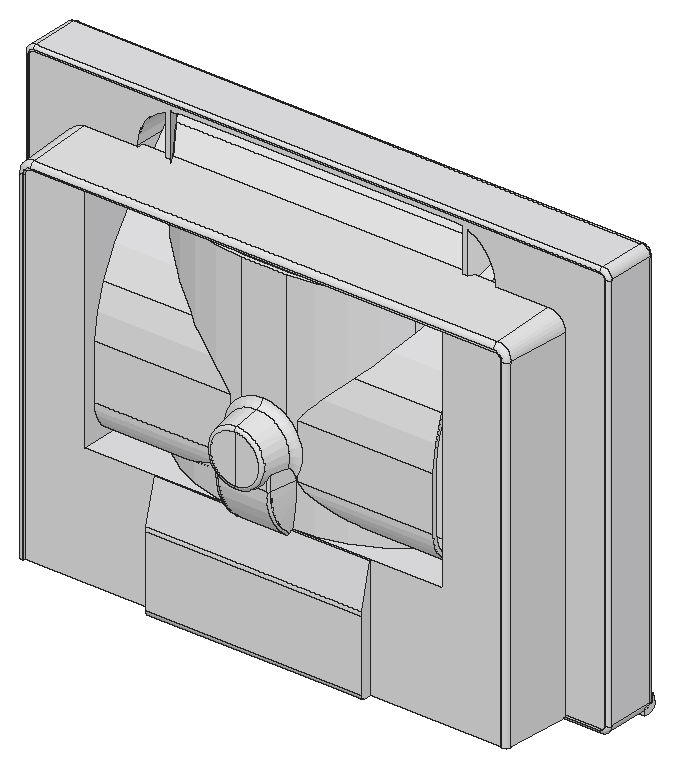
Revit family "Sink-Wall_Mount-Lavatory-KOHLER-REACH-K-18572T_1", category Plumbing Fixtures, host Face, Revit 2017
Family settings
  Host = Face
  Round Connector Dimension = Use Diameter
  Part Type = Normal
  OmniClass Number = 23.31.13.00
  OmniClass Title = Sinks
  Cut with Voids When Loaded = No
  Shared = No
  Room Calculation Point = No
Parameters (values of type "0-White")
  Width = 27 9/16"  # constant formula
  WaterSense Certified = 1 = 0  # no
  Waste Water Outlet = "Waste Water Outlet"  # constant formula
  Waste Connection = 1 = 1  # yes
  Vent Connection = 1 = 0  # no
  URL = "http://www.kohler.com.cn/en/"
  Type = 1
  Product Page URL = "https://www.kohler.com.cn/product/K-18572T-1-0/K-18572T-1-0/"
  Product Name = "REACH"  # constant formula
  Product Documentation Link = "https://files.kohler.com.cn/pdfs/k_18572t_1.pdf"
  Model = "K-18572T-1-0"  # constant formula
  Material = "Fireclay"  # constant formula
  Master Format 2014 Name = "Residential Lavatories and Sinks"  # constant formula
  Master Format 2014 = "22 41 16"  # constant formula
  Manufacturer Address = "158 Jiangchang 3rd Road Zhabei District Shanghai, 200436 China"  # constant formula
  Manufacturer = "KOHLER Co."  # constant formula
  Length = 19 11/16"  # constant formula
  Hot Water Inlet = "Hot Water Inlet"  # constant formula
  Height = 7 1/2"  # constant formula
  HW Connection = 1 = 0  # no
  Finish = KOHLER-Fireclay-0-White
  Environmental Product Declaration = ""
  Drain Included = 1 = 0  # no
  Description = "700mm integrated washbasin"  # constant formula
  Default Elevation = 36"
  Declare Label = ""
  Date Modified = "06/18/2020"  # constant formula
  Date Created = "06/18/2020"  # constant formula
  Copyright = "Copyright KOHLER Co."  # constant formula
  Contact Us = "http://www.kohler.com.cn/en/contact/contact-us/"
  Cold Water Inlet = "Cold Water Inlet"  # constant formula
  CW Connection = 1 = 0  # no
  Assembly Code = "D2010400"
  ADA Compliant = 1 = 0  # no
Reference planes (in)
  plane 1 "Center (Front/Back)": y = 0
  plane 2: z = 0
  plane 3 "Center (Left/Right)": x = 0
  plane 4: y = -7.5
  plane 5: x = 13.7795276
  plane 6: y = -5.875
  plane 7: x = -13.7829724
  plane 8: z = 19.6875
  plane 9: x = -8.1692913
  plane 10: z = 19.0920276
  plane 11: x = 8.1692913
  plane 12: z = 5.3125
  plane 13: z = 9.0625
  plane 14: y = -2.6571494
  plane 15: y = -0.1011276
Dimensions and locks (in)
  level to plane 8 = 19 11/16"
  "Length": plane 8 to level
  "Height": plane 1 "Center (Front/Back)" to plane 4
  "Width": plane 7 to plane 5
  aligned and locked: plane 2 to host face
  aligned and locked: level to host face
Automatic sketch dimensions
  host sketch curve to host sketch curve = 96"  (x2)
Nested families (in)
  nested 1: "K-18572T" at (0, 0, 0), type "K-18572T"
Connectors (in)
  piping at (0, -7.5, 9.0625), diameter 1.7734375, driven by "Waste Connection", driven by "Waste Water Outlet"
    settings: on nested 1, index 1, connector inside diameter 24", connector length 0", flow factor 0, pipe flow 0 GPM, pressure drop 0.00 psi, fitting loss kfactor 0, connector angle 0.00°, fixture units 0, engagement length 0", angle of deflection 0.00°, flow configuration 0, flow direction 2, fitting loss method 0, system type 16, joint type 0, gender type 0, connector reference index -1, connector utility 1, adjustable connector no, is connector primary yes, connector description "Waste Water Outlet"
Definition of nested family "K-18572T"
  Parameters (values of type "K-18572T")
    Material = none
  Reference planes (in)
    plane 1 "Center (Front/Back)": y = 0
    plane 2: z = 0
    plane 3 "Center (Left/Right)": x = 0
    plane 4: y = -5.875
    plane 5: y = -7.5
    plane 6: z = 19.6875
    plane 7: x = 13.7795276
    plane 8: z = 9.0625
    plane 9: x = 8.1692913
    plane 10: x = -8.1692913
    plane 11: z = 5.3125
    plane 12: z = 19.0920276
    plane 13: x = -13.7795276
    plane 14: x = -11.9045276
    plane 15: x = 11.9045276
  Forms (in)
    Sweep 1, solid, material <- "Material", detail levels medium+fine
      path origin (0, 0, 0) x (1, 0, 0) y (0, 0, 1)
        loop
          arc (-13.3498401, 19.6875) -> (-13.653675, 19.5616474) -> (-13.7795276, 19.2578125) r 0.4296875
          line (-13.7795276, 19.2578125) -> (-13.7795276, 0.4296875)
          arc (-13.7795276, 0.4296875) -> (-13.653675, 0.1258526) -> (-13.3498401, 0) r 0.4296875
          line (-13.3498401, 0) -> (13.3498401, 0)
          arc (13.3498401, 0) -> (13.653675, 0.1258526) -> (13.7795276, 0.4296875) r 0.4296875
          line (13.7795276, 0.4296875) -> (13.7795276, 19.2578169)
          arc (13.7795276, 19.2578169) -> (13.6536763, 19.5616487) -> (13.3498445, 19.6875) r 0.4296831
          line (13.3498445, 19.6875) -> (-13.3498401, 19.6875)
      profile origin (0.0000022, 0, 19.6875) x (0, 0, 1) y (0, -1, 0)
        loop
          line (-0.2197336, 0.1011276) -> (-0.1727731, 0.1011276)
          arc (-0.1727731, 0.1011276) -> (-0.0602156, 0.1477504) -> (-0.0135928, 0.2603079) r 0.1591803
          line (-0.0135928, 0.2603079) -> (-0.0135928, 2.5000265)
          arc (-0.0135928, 2.5000265) -> (-0.0605015, 2.6132741) -> (-0.1737491, 2.6601827) r 0.1601563
          line (-0.1737491, 2.6601827) -> (-0.2197336, 2.6601827) -> (-0.2197336, 0.1011276)
    Sweep 2, solid, material <- "Material", detail levels medium+fine
      path origin (0, 0, 0) x (1, 0, 0) y (0, 0, 1)
        loop
          line (-11.9045276, 0.1351528) -> (-11.9045276, 16.3851528)
          arc (-11.9045276, 16.3851528) -> (-11.6116343, 17.0922596) -> (-10.9045276, 17.3851528) r 1
          line (-10.9045276, 17.3851528) -> (10.9045276, 17.3851529)
          arc (10.9045276, 17.3851529) -> (11.6116343, 17.0922597) -> (11.9045276, 16.3851529) r 1
          line (11.9045276, 16.3851529) -> (11.9045276, 0.1351528)
      profile origin (0, 0, 17.3851529) x (0, 0, 1) y (0, -1, 0)
        loop
          line (-0.6131597, 5.875) -> (-0.6622408, 5.875) -> (-0.4823049, 2.4414327) -> (-0.1959729, 2.4414327) -> (-0.3635023, 5.638084)
          arc (-0.3635023, 5.638084) -> (-0.441071, 5.8063436) -> (-0.6131597, 5.875) r 0.25
    Sweep 3, solid, material <- "Material", detail levels medium+fine
      path origin (0, 0, 0) x (1, 0, 0) y (0, 0, 1)
        loop
          arc (8.4260526, 17.235793) -> (7.8402662, 18.6500065) -> (6.4260526, 19.235793) r 2
          line (6.4260526, 19.235793) -> (-6.4260526, 19.235793)
          arc (-6.4260526, 19.235793) -> (-7.8402662, 18.6500065) -> (-8.4260526, 17.235793) r 2
          line (-8.4260526, 17.235793) -> (-8.4260526, 6.9903848)
          arc (-8.4260526, 6.9903848) -> (-7.8402662, 5.5761712) -> (-6.4260526, 4.9903848) r 2
          line (-6.4260526, 4.9903848) -> (6.4260526, 4.9903848)
          arc (6.4260526, 4.9903848) -> (7.8402662, 5.5761712) -> (8.4260526, 6.9903848) r 2
          line (8.4260526, 6.9903848) -> (8.4260526, 17.235793)
      profile origin (0, 0, 19.235793) x (0, 0, -1) y (0, -1, 0)
        loop
          arc (0.2092648, 0.1720187) -> (0.3345775, 0.2959576) -> (0.4604064, 0.4193723) r 42.2257718
          line (0.4604064, 0.4193723) -> (0.1759905, 0.4193723)
          arc (0.1759905, 0.4193723) -> (0.1539638, 0.3976349) -> (0.1319529, 0.3758815) r 42.4249905
          arc (0.1319529, 0.3758815) -> (0.0707812, 0.3286185) -> (0, 0.2975413) r 0.3174643
          line (0, 0.2975413) -> (0, 0.1011276) -> (0.0372862, 0.1011276)
          arc (0.0372862, 0.1011276) -> (0.1302945, 0.1195454) -> (0.2092648, 0.1720187) r 0.2440517
    Extrusion 4, solid, material <- "Material", detail levels medium+fine
      sketch origin (0, 0, 0) x (1, 0, 0) y (0, 0, 1)
        loop
          line (13.3498445, 19.4677664) -> (-13.3498401, 19.4677664)
          arc (-13.3498401, 19.4677664) -> (-13.4982999, 19.4062723) -> (-13.5597939, 19.2578125) r 0.2099539
          line (-13.5597939, 19.2578125) -> (-13.5597939, 0.4296875)
          arc (-13.5597939, 0.4296875) -> (-13.4982999, 0.2812277) -> (-13.3498401, 0.2197336) r 0.2099539
          line (-13.3498401, 0.2197336) -> (13.3498401, 0.2197336)
          arc (13.3498401, 0.2197336) -> (13.4982999, 0.2812277) -> (13.5597939, 0.4296875) r 0.2099539
          line (13.5597939, 0.4296875) -> (13.5597939, 19.2578169)
          arc (13.5597939, 19.2578169) -> (13.4983011, 19.4062736) -> (13.3498445, 19.4677664) r 0.2099494
        loop
          arc (-6.4260526, 19.235793) -> (-7.8402662, 18.6500065) -> (-8.4260526, 17.235793) r 2
          line (-8.4260526, 17.235793) -> (-8.4260526, 6.9903848)
          arc (-8.4260526, 6.9903848) -> (-7.8402662, 5.5761712) -> (-6.4260526, 4.9903848) r 2
          line (-6.4260526, 4.9903848) -> (6.4260526, 4.9903848)
          arc (6.4260526, 4.9903848) -> (7.8402662, 5.5761712) -> (8.4260526, 6.9903848) r 2
          line (8.4260526, 6.9903848) -> (8.4260526, 17.235793)
          arc (8.4260526, 17.235793) -> (7.8402662, 18.6500065) -> (6.4260526, 19.235793) r 2
          line (6.4260526, 19.235793) -> (-6.4260526, 19.235793)
      from 0.1011276 to 2.6601827
    Extrusion 5, solid, material <- "Material", detail levels medium+fine
      sketch origin (0, 0, 0) x (0, 1, 0) y (0, 0, 1)
        loop
          arc (-4.5199449, 6.4934406) -> (-5.294602, 7.0110499) -> (-5.5940782, 7.8932784) r 1.4492188
          line (-5.5940782, 7.8932784) -> (-5.5940782, 10.683954)
          arc (-5.5940782, 10.683954) -> (-5.5351793, 11.3737039) -> (-5.3601881, 12.0434815) r 4.0681917
          arc (-5.3601881, 12.0434815) -> (-4.6279895, 13.677435) -> (-3.6431943, 15.1727934) r 11.1269918
          arc (-3.6431943, 15.1727934) -> (-2.517487, 16.5429441) -> (-1.3251007, 17.8554779) r 35.6831513
          arc (-1.3251007, 17.8554779) -> (-0.8757577, 18.3188991) -> (-0.4193723, 18.7753865) r 42.1606132
          line (-0.4193723, 18.7753865) -> (-0.4193723, 19.0380108)
          arc (-0.4193723, 19.0380108) -> (-0.9446435, 18.5160407) -> (-1.4607074, 17.9849657) r 42.3481132
          arc (-1.4607074, 17.9849657) -> (-2.6593591, 16.6655351) -> (-3.7909816, 15.2881848) r 35.8706513
          arc (-3.7909816, 15.2881848) -> (-4.6016206, 14.1016871) -> (-5.2553366, 12.8220122) r 11.3144918
          arc (-5.2553366, 12.8220122) -> (-5.6287945, 11.6752688) -> (-5.7815782, 10.4789627) r 6.4309187
          line (-5.7815782, 10.4789627) -> (-5.7815782, 7.8920816)
          arc (-5.7815782, 7.8920816) -> (-5.443678, 6.8966598) -> (-4.5696294, 6.3126392) r 1.6351591
          line (-4.5696294, 6.3126392) -> (-0.4193723, 5.2005812) -> (-0.4193723, 5.3946954) -> (-4.5199449, 6.4934406)
      from -7.9656462 to 7.9656462
    Extrusion 6, solid, material <- "Material", detail levels medium+fine
      sketch origin (0, 0, 0) x (1, 0, 0) y (0, 1, 0)
        loop
          line (1.0743204, -5.6129386) -> (-1.0743204, -5.6129386)
          arc (-1.0743204, -5.6129386) -> (-3.5259417, -5.1762185) -> (-5.6759526, -3.9197854) r 7.0997078
          arc (-5.6759526, -3.9197854) -> (-6.7927427, -2.7516661) -> (-7.6477698, -1.3802978) r 7.8807302
          arc (-7.6477698, -1.3802978) -> (-7.8392666, -0.9106055) -> (-7.9656462, -0.4193723) r 3.7511334
          line (-7.9656462, -0.4193723) -> (-8.2389476, -0.4193723)
          arc (-8.2389476, -0.4193723) -> (-7.2705019, -2.4100406) -> (-5.7974796, -4.06257) r 8.0682302
          arc (-5.7974796, -4.06257) -> (-3.5906879, -5.3521849) -> (-1.0743204, -5.8004386) r 7.2872078
          line (-1.0743204, -5.8004386) -> (1.0743204, -5.8004386)
          arc (1.0743204, -5.8004386) -> (3.5906879, -5.3521849) -> (5.7974796, -4.06257) r 7.2872078
          arc (5.7974796, -4.06257) -> (7.2705019, -2.4100406) -> (8.2389476, -0.4193723) r 8.0682302
          line (8.2389476, -0.4193723) -> (7.9656462, -0.4193723)
          arc (7.9656462, -0.4193723) -> (7.8392666, -0.9106055) -> (7.6477698, -1.3802978) r 3.7511334
          arc (7.6477698, -1.3802978) -> (6.7927427, -2.7516661) -> (5.6759526, -3.9197854) r 7.8807302
          arc (5.6759526, -3.9197854) -> (3.5259417, -5.1762185) -> (1.0743204, -5.6129386) r 7.0997078
      from 4.9903848 to 19.235793
    Extrusion 7, void
      sketch origin (0, 0, 0) x (0, 1, 0) y (0, 0, 1)
        loop
          line (-2.6601827, 21.485793) -> (-7.1601827, 21.485793) -> (-7.1601827, 16.485793) -> (-2.6601827, 16.485793) -> (-2.6601827, 21.485793)
      from -7.9656462 to 12
    Extrusion 8, solid, material <- "Material", detail levels medium+fine
      sketch origin (0, 0, 0) x (0, 1, 0) y (0, 0, 1)
        loop
          line (-5.875, 0.1351529) -> (-5.875, 5.8366105) -> (-6.3599657, 3.9100783)
          arc (-6.3599657, 3.9100783) -> (-6.379085, 3.8078871) -> (-6.3854905, 3.7041203) r 0.8436952
          line (-6.3854905, 3.7041203) -> (-6.3854905, 0.3645122)
          arc (-6.3854905, 0.3645122) -> (-6.3183127, 0.2023307) -> (-6.1561312, 0.1351529) r 0.2293593
          line (-6.1561312, 0.1351529) -> (-5.875, 0.1351529)
      from -5.0777372 to 5.0777372
    Revolve 9, solid, material <- "Material", detail levels medium+fine
      sketch origin (0, 0, 0) x (0, 1, 0) y (0, 0, 1)
        loop
          line (-7.5, 9.0625) -> (-5.8200915, 9.0625) -> (-5.8200915, 10.8942592)
          arc (-5.8200915, 10.8942592) -> (-5.9548494, 10.68665) -> (-6.1779296, 10.5794284) r 0.4581636
          line (-6.1779296, 10.5794284) -> (-7.3696994, 10.3692872)
          arc (-7.3696994, 10.3692872) -> (-7.4631095, 10.3153569) -> (-7.5, 10.2140009) r 0.1576818
          line (-7.5, 10.2140009) -> (-7.5, 9.0625)
        axis (-5.8200915, 9.0625) -> (-7.5, 9.0625)
      angle from 0 to 360
    Sweep 10, solid, material <- "Material", detail levels medium+fine
      path origin (0, 0, 0) x (0, 1, 0) y (0, 0, 1)
        loop
          line (-7.1108188, 9.3321689) -> (-7.1108188, 7.9133374)
          arc (-7.1108188, 7.9133374) -> (-6.699039, 6.4310601) -> (-5.5817073, 5.3735732) r 2.8737552
          arc (-5.5817073, 5.3735732) -> (-5.0163242, 5.1138394) -> (-4.4253451, 4.9192542) r 5.5305652
      profile origin (0, -7.1108188, 8.6227532) x (0, -1, 0) y (1, 0, 0)
        loop
          line (0, -1.0906407) -> (0, 1.1784695)
          arc (0, 1.1784695) -> (-0.0280874, 1.255639) -> (-0.0992072, 1.2967001) r 0.1200545
          line (-0.0992072, 1.2967001) -> (-1.3108968, 1.5103536) -> (-1.3108968, -1.5103536) -> (-0.1857017, -1.3119514)
          arc (-0.1857017, -1.3119514) -> (-0.0525756, -1.235091) -> (0, -1.0906407) r 0.2247248
    Extrusion 11, solid, material <- "Material", detail levels medium+fine
      sketch origin (0, 0, 0) x (1, 0, 0) y (0, 0, 1)
        loop
          arc (-10.9045276, 16.7229121) -> (-11.1433594, 16.6239847) -> (-11.2422868, 16.3851528) r 0.3377592
          line (-11.2422868, 16.3851528) -> (-11.2422868, 0.1351528) -> (11.2422868, 0.1351528) -> (11.2422868, 16.3851529)
          arc (11.2422868, 16.3851529) -> (11.1433594, 16.6239847) -> (10.9045276, 16.7229121) r 0.3377592
          line (10.9045276, 16.7229121) -> (8.4260526, 16.7229121) -> (8.4260526, 5.8366105) -> (-8.4260526, 5.8366105) -> (-8.4260526, 16.7229121) -> (-10.9045276, 16.7229121)
      from 2.6601827 to 5.8004386
    Extrusion 12, solid, material <- "Material", detail levels medium+fine
      sketch origin (0, 0, 0) x (0, 1, 0) y (0, 0, 1)
        loop
          arc (-0.3121438, 0) -> (-0.0711375, 0.1137761) -> (-0.0058244, 0.3721619) r 0.3121438
          line (-0.0058244, 0.3721619) -> (-0.0640213, 0.5751185)
          arc (-0.0640213, 0.5751185) -> (-0.0875052, 0.6752043) -> (-0.1011276, 0.7771018) r 1.0540787
          line (-0.1011276, 0.7771018) -> (-0.1011276, 0.3550424) -> (-0.5653211, 0.3550424) -> (-0.5653211, 0) -> (-0.3121438, 0)
      from -13.7795276 to 13.7795276
    Extrusion 13, void
      sketch origin (0, 0, 0) x (1, 0, 0) y (0, 0, 1)
        loop
          circle (0, 2.7421927) r 1
      from 0 to 0.4554583
    Revolve 14, solid, detail levels medium+fine
      sketch origin (0, 0.203125, 9.0625) x (1, 0, 0) y (0, 1, 0)
        loop
          line (-0.0001, -6.5070331) -> (0.6777929, -6.5070331) -> (0.7073006, -5.9439939)
          arc (0.7073006, -5.9439939) -> (0.7209125, -5.9068173) -> (0.7530748, -5.8837312) r 0.0672839
          line (0.7530748, -5.8837312) -> (0.9850534, -5.8058371)
          arc (0.9850534, -5.8058371) -> (1.0050793, -5.7744815) -> (0.978688, -5.7482574) r 0.0296404
          arc (0.978688, -5.7482574) -> (0.4899501, -5.7110189) -> (-0.0001, -5.7009032) r 8.8475949
          line (-0.0001, -5.7009032) -> (-0.0001, -6.5070331)
        axis (-0.0001, -5.7009032) -> (-0.0001, -6.5070331)
      angle from 0 to 360
    Revolve 15, void
      sketch origin (0, 0.203125, 9.0625) x (1, 0, 0) y (0, 1, 0)
        loop
          line (-0.0001, -6.5070331) -> (0.9260506, -6.5070331) -> (0.9260506, -5.9487359)
          arc (0.9260506, -5.9487359) -> (0.9704335, -5.8415861) -> (1.0775833, -5.7972032) r 0.1515327
          line (1.0775833, -5.7972032) -> (-0.0001, -5.7972032) -> (-0.0001, -6.5070331)
        axis (-0.0001, -5.7972032) -> (-0.0001, -6.5070331)
      angle from 0 to 360
    Revolve 16, solid, detail levels medium+fine
      sketch origin (0, 0, 0.03125) x (0, 1, 0) y (0, 0, 1)
        loop
          line (-1.7194133, 5.2539335) -> (-1.559804, 5.8496037)
          arc (-1.559804, 5.8496037) -> (-1.8872521, 5.9175014) -> (-2.2206181, 5.9439501) r 2.6709882
          arc (-2.2206181, 5.9439501) -> (-2.2568947, 5.9321354) -> (-2.2782218, 5.900501) r 0.0586323
          line (-2.2782218, 5.900501) -> (-2.2899718, 5.8566494) -> (-1.9473004, 5.7648309) -> (-2.0597592, 5.3451289) -> (-1.7194133, 5.2539335)
        axis (-1.559804, 5.8496037) -> (-1.7194133, 5.2539335)
      angle from 0 to 360
    Extrusion 17, solid, material <- "Material", detail levels coarse
      sketch origin (0, 0, 0) x (1, 0, 0) y (0, 0, 1)
        loop
          line (13.7795276, 19.6875) -> (-13.7795276, 19.6875) -> (-13.7795276, 0) -> (13.7795276, 0) -> (13.7795276, 19.6875)
        loop
          line (8.1692913, 19.0920276) -> (-8.1692913, 19.0920276) -> (-8.1692913, 5.3125) -> (8.1692913, 5.3125) -> (8.1692913, 19.0920276)
      from 0 to 6.3854905
    Extrusion 18, solid, material <- "Material", detail levels coarse
      sketch origin (0, 0, 0) x (1, 0, 0) y (0, 0, 1)
        loop
          line (-8.1692913, 19.0920276) -> (-8.1692913, 5.3125) -> (8.1692913, 5.3125) -> (8.1692913, 19.0920276) -> (-8.1692913, 19.0920276)
      from 5.8200915 to 6.3854905
    Revolve 19, solid, material <- "Material", detail levels coarse
      sketch origin (0, 0, 0) x (0, 1, 0) y (0, 0, 1)
        loop
          line (-7.5, 9.0625) -> (-6.3854905, 9.0625) -> (-6.3854905, 10.5794284) -> (-7.5, 10.5794284) -> (-7.5, 9.0625)
        axis (-6.3854905, 9.0625) -> (-7.5, 9.0625)
      angle from 0 to 360
  Cuts and joins
    Revolve 15 cuts Sweep 3
    Extrusion 13 cuts Extrusion 4
    Revolve 15 cuts Extrusion 5
    Extrusion 7 cuts Extrusion 6
    joined: Sweep 3, Extrusion 4, Extrusion 5, Extrusion 6
    joined: Sweep 2, Extrusion 8, Revolve 9, Sweep 10
    Extrusion 13 cuts Extrusion 17
    joined: Extrusion 17, Extrusion 18
  Lines and regions (in)
    Masking region 1
      outline origin (0, 0, 0) x (1, 0, 0) y (0, 1, 0)
        loop
          line (13.7795276, 0) -> (-13.7795276, 0) -> (-13.7795276, -2.471051)
          arc (-13.7795276, -2.471051) -> (-13.7241321, -2.6047873) -> (-13.5903958, -2.6601827) r 0.1891318
          line (-13.5903958, -2.6601827) -> (-11.9150627, -2.6601827) -> (-11.7589975, -5.638084)
          arc (-11.7589975, -5.638084) -> (-11.6814288, -5.8063436) -> (-11.5093402, -5.875) r 0.25
          line (-11.5093402, -5.875) -> (-5.0777372, -5.875) -> (-5.0777372, -6.3854905) -> (-1.4799451, -6.3854905) -> (-1.3060076, -7.3719388)
          arc (-1.3060076, -7.3719388) -> (-1.2530041, -7.4637435) -> (-1.1533902, -7.5) r 0.1549718
          line (-1.1533902, -7.5) -> (1.1533902, -7.5)
          arc (1.1533902, -7.5) -> (1.2530041, -7.4637435) -> (1.3060076, -7.3719388) r 0.1549718
          line (1.3060076, -7.3719388) -> (1.4799451, -6.3854905) -> (5.0777372, -6.3854905) -> (5.0777372, -5.875) -> (11.5093402, -5.875)
          arc (11.5093402, -5.875) -> (11.6814288, -5.8063436) -> (11.7589975, -5.638084) r 0.25
          line (11.7589975, -5.638084) -> (11.9150627, -2.6601827) -> (13.5903958, -2.6601827)
          arc (13.5903958, -2.6601827) -> (13.7241321, -2.6047873) -> (13.7795276, -2.471051) r 0.1891318
          line (13.7795276, -2.471051) -> (13.7795276, 0)
    Masking region 2
      outline origin (0, 0, 0) x (1, 0, 0) y (0, 0, 1)
        loop
          arc (-13.3237149, 19.6875) -> (-13.6460231, 19.5539956) -> (-13.7795276, 19.2316874) r 0.4558126
          line (-13.7795276, 19.2316874) -> (-13.7795276, 0.4685423)
          arc (-13.7795276, 0.4685423) -> (-13.6422947, 0.1372329) -> (-13.3109853, 0) r 0.4685423
          line (-13.3109853, 0) -> (13.3109853, 0)
          arc (13.3109853, 0) -> (13.6422947, 0.1372329) -> (13.7795276, 0.4685423) r 0.4685423
          line (13.7795276, 0.4685423) -> (13.7795276, 19.2316874)
          arc (13.7795276, 19.2316874) -> (13.6460231, 19.5539956) -> (13.3237149, 19.6875) r 0.4558126
          line (13.3237149, 19.6875) -> (-13.3237149, 19.6875)
    Masking region 3
      outline origin (0, 0, 0) x (0, 1, 0) y (0, 0, 1)
        loop
          arc (-0.3121438, 0) -> (-0.0711375, 0.1137761) -> (-0.0058244, 0.3721619) r 0.3121438
          line (-0.0058244, 0.3721619) -> (-0.0640213, 0.5751185)
          arc (-0.0640213, 0.5751185) -> (-0.0875052, 0.6752043) -> (-0.1011276, 0.7771018) r 1.0540787
          line (-0.1011276, 0.7771018) -> (-0.1011276, 19.5122909)
          arc (-0.1011276, 19.5122909) -> (-0.1524452, 19.6361824) -> (-0.2763367, 19.6875) r 0.1752091
          line (-0.2763367, 19.6875) -> (-2.480866, 19.6875)
          arc (-2.480866, 19.6875) -> (-2.6076621, 19.6349793) -> (-2.6601827, 19.5081833) r 0.1793167
          line (-2.6601827, 19.5081833) -> (-2.6601827, 17.1777158) -> (-5.638084, 17.0216506)
          arc (-5.638084, 17.0216506) -> (-5.8063436, 16.9440818) -> (-5.875, 16.7719932) r 0.25
          line (-5.875, 16.7719932) -> (-5.875, 10.9279218)
          arc (-5.875, 10.9279218) -> (-6.0524205, 10.8131812) -> (-6.253786, 10.7491864) r 0.795619
          line (-6.253786, 10.7491864) -> (-7.375569, 10.5513858)
          arc (-7.375569, 10.5513858) -> (-7.4647713, 10.4998848) -> (-7.5, 10.4030947) r 0.1505787
          line (-7.5, 10.4030947) -> (-7.5, 8.0847241)
          arc (-7.5, 8.0847241) -> (-7.4659893, 7.9912806) -> (-7.3798713, 7.9415603) r 0.1453723
          line (-7.3798713, 7.9415603) -> (-7.1107544, 7.8941077)
          arc (-7.1107544, 7.8941077) -> (-6.795959, 6.6051203) -> (-5.9358846, 5.5947456) r 2.8751987
          line (-5.9358846, 5.5947456) -> (-6.3599657, 3.9100783)
          arc (-6.3599657, 3.9100783) -> (-6.379085, 3.8078871) -> (-6.3854905, 3.7041203) r 0.8436952
          line (-6.3854905, 3.7041203) -> (-6.3854905, 0.362242)
          arc (-6.3854905, 0.362242) -> (-6.3189776, 0.2016657) -> (-6.1584013, 0.1351528) r 0.2270892
          line (-6.1584013, 0.1351528) -> (-2.6555593, 0.1351528)
          arc (-2.6555593, 0.1351528) -> (-2.5938414, 0.0378863) -> (-2.4850548, 0) r 0.1751279
          line (-2.4850548, 0) -> (-0.3121438, 0)
    symbolic lines, detail levels medium+fine
      curve 1: line (-5.0777372, -5.875, 0) -> (5.0777372, -5.875, 0)
      curve 2: line (-13.6097075, -0.1011276, 0) -> (13.6097075, -0.1011276, 0)
      curve 3: arc (-13.7795276, -0.2826605, 0) -> (-13.7339985, -0.155054, 0) -> (-13.6097075, -0.1011276, 0) r 0.1701979
      curve 4: arc (13.7795276, -0.2826605, 0) -> (13.7339985, -0.155054, 0) -> (13.6097075, -0.1011276, 0) r 0.1701979
      curve 5: line (11.9150627, -2.6601827, 0) -> (-11.9150627, -2.6601827, 0)
      curve 6: line (1.4799451, -6.3854905, 0) -> (1.5325331, -6.1410841, 0)
      curve 7: arc (1.5325331, -6.1410841, 0) -> (1.5965639, -5.9907274, 0) -> (1.7119513, -5.875, 0) r 0.4311706
      curve 8: line (-1.4799451, -6.3854905, 0) -> (-1.5325331, -6.1410841, 0)
      curve 9: arc (-1.5325331, -6.1410841, 0) -> (-1.5965639, -5.9907274, 0) -> (-1.7119513, -5.875, 0) r 0.4311706
      curve 18: line (7.9656462, 0, 6.9903848) -> (7.9656462, 0, 17.235793)
      curve 19: arc (6.4260526, 0, 5.4507912) -> (7.5147097, 0, 5.9017277) -> (7.9656462, 0, 6.9903848) r 1.5395936
      curve 20: line (-6.4260526, 0, 5.4507912) -> (6.4260526, 0, 5.4507912)
      curve 21: arc (-7.9656462, 0, 6.9903848) -> (-7.5147097, 0, 5.9017277) -> (-6.4260526, 0, 5.4507912) r 1.5395936
      curve 22: line (-7.9656462, 0, 17.235793) -> (-7.9656462, 0, 6.9903848)
      curve 23: arc (-6.4260526, 0, 18.7753865) -> (-7.5147097, 0, 18.32445) -> (-7.9656462, 0, 17.235793) r 1.5395936
      curve 24: line (6.4260526, 0, 18.7753865) -> (-6.4260526, 0, 18.7753865)
      curve 25: arc (7.9656462, 0, 17.235793) -> (7.5147097, 0, 18.32445) -> (6.4260526, 0, 18.7753865) r 1.5395936
      curve 27: spline (0.7071115, 0, 5.7048854) -> (0.701062, 0, 5.6809973) -> (0.6830172, 0, 5.657518) -> (0.6532858, 0, 5.6348491) -> (0.6123765, 0, 5.6133785) -> (0.5609892, 0, 5.5934736) -> (0.5000033, 0, 5.5754751) -> (0.4304622, 0, 5.5596908) -> (0.3535557, 0, 5.5463908) -> (0.2705998, 0, 5.5358026) -> (0.1830139, 0, 5.5281076) -> (0.0922966, 0, 5.5234372) -> (0, 0, 5.5218715)
      curve 28: spline (0, 0, 5.5218715) -> (-0.0922966, 0, 5.5234372) -> (-0.1830139, 0, 5.5281076) -> (-0.2705998, 0, 5.5358026) -> (-0.3535557, 0, 5.5463908) -> (-0.4304622, 0, 5.5596908) -> (-0.5000033, 0, 5.5754751) -> (-0.5609892, 0, 5.5934736) -> (-0.6123765, 0, 5.6133785) -> (-0.6532858, 0, 5.6348491) -> (-0.6830172, 0, 5.657518) -> (-0.701062, 0, 5.6809973) -> (-0.7071115, 0, 5.7048854)
      curve 29: line (0.7071115, 0, 5.7048854) -> (0.7071115, 0, 5.7552604)
      curve 30: line (-0.7071115, 0, 5.7048854) -> (-0.7071115, 0, 5.7552604)
      curve 31: spline (0.7071115, 0, 5.7552604) -> (0.6830172, 0, 5.8126356) -> (0.6123765, 0, 5.8661008) -> (0.5000033, 0, 5.9120123) -> (0.3535557, 0, 5.9472415) -> (0.1830139, 0, 5.9693875) -> (0, 0, 5.9769411) -> (-0.1830139, 0, 5.9693875) -> (-0.3535557, 0, 5.9472415) -> (-0.5000033, 0, 5.9120123) -> (-0.6123765, 0, 5.8661008) -> (-0.6830172, 0, 5.8126356) -> (-0.7071115, 0, 5.7552604)
      curve 34: line (-13.3498401, 0, 19.4677664) -> (13.3498445, 0, 19.4677664)
      curve 35: line (13.5597939, 0, 0.3721619) -> (13.5597939, 0, 19.2578169)
      curve 36: arc (13.5597939, 0, 19.2578169) -> (13.4983011, 0, 19.4062736) -> (13.3498445, 0, 19.4677664) r 0.2099494
      curve 37: line (-13.5597939, 0, 19.2578125) -> (-13.5597939, 0, 0.4296875)
      curve 38: arc (-13.3498401, 0, 19.4677664) -> (-13.4982999, 0, 19.4062723) -> (-13.5597939, 0, 19.2578125) r 0.2099539
      curve 39: line (-13.3498401, 0, 0.2197336) -> (13.3498401, 0, 0.2197336)
      curve 40: arc (13.3498401, 0, 0.2197336) -> (13.4982999, 0, 0.2812277) -> (13.5597939, 0, 0.4296875) r 0.2099539
      curve 41: arc (-13.5597939, 0, 0.4296875) -> (-13.4982999, 0, 0.2812277) -> (-13.3498401, 0, 0.2197336) r 0.2099539
      curve 42: line (0, -0.1011276, 0.7771018) -> (0, -0.1011276, 0.1908293)
      curve 43: arc (0, -0.1011276, 0.1908293) -> (0, -0.125042, 0.0962719) -> (0, -0.1910343, 0.0244526) r 0.1988975
      curve 44: line (0, -2.6555593, 0.1351528) -> (0, -2.6601827, 17.235793)
      curve 45: line (0, -5.875, 10.9279218) -> (0, -5.875, 5.7819539)
      curve 46: line (0, -5.875, 5.7819539) -> (0, -5.875, 0.1351529)
      curve 47: spline (0, -6.925117, 8.802015) -> (0, -6.8628524, 8.8002104) -> (0, -6.8005877, 8.7984126) -> (0, -6.7383227, 8.7966217) -> (0, -6.6760576, 8.7948377) -> (0, -6.6137922, 8.7930605) -> (0, -6.5515267, 8.7912901) -> (0, -6.489261, 8.7895266) -> (0, -6.4269951, 8.78777) -> (0, -6.364729, 8.7860202) -> (0, -6.3024627, 8.7842773) -> (0, -6.2401963, 8.7825412) -> (0, -6.1779296, 8.780812)
      curve 48: line (0, -7.1108188, 8.5828867) -> (0, -7.1108188, 7.8941191)
      curve 49: line (0, -7.1108188, 8.4466906) -> (0, -6.925117, 8.802015)
      curve 50: line (0, -6.1779296, 8.780812) -> (0, -5.875, 8.4197946)
      curve 51: line (0, -5.875, 5.8366105) -> (0, -5.9358846, 5.5947456)
    symbolic lines
      curve 10: line (-6.9192913, 0, 5.3125) -> (6.9192913, 0, 5.3125)
      curve 11: line (8.1692913, 0, 17.8420276) -> (8.1692913, 0, 6.5625)
      curve 12: line (-8.1692913, 0, 17.8420276) -> (-8.1692913, 0, 6.5625)
      curve 13: line (-6.9192913, 0, 19.0920276) -> (6.9192913, 0, 19.0920276)
      curve 14: arc (-6.9192913, 0, 19.0920276) -> (-7.8031748, 0, 18.725911) -> (-8.1692913, 0, 17.8420276) r 1.25
      curve 15: arc (-8.1692913, 0, 6.5625) -> (-7.8031748, 0, 5.6786165) -> (-6.9192913, 0, 5.3125) r 1.25
      curve 16: arc (6.9192913, 0, 5.3125) -> (7.8031748, 0, 5.6786165) -> (8.1692913, 0, 6.5625) r 1.25
      curve 17: arc (8.1692913, 0, 17.8420276) -> (7.8031748, 0, 18.725911) -> (6.9192913, 0, 19.0920276) r 1.25
      curve 26: circle (0, 0, 9.0625) r 1 normal (0, -1, 0)
      curve 32: arc (1, 0, 2.7421927) -> (0, 0, 3.7421927) -> (-1, 0, 2.7421927) r 1
      curve 33: arc (-1, 0, 2.7421927) -> (0, 0, 1.7421927) -> (1, 0, 2.7421927) r 1
  Dimensions and locks (in)
    plane 1 "Center (Front/Back)" to plane 4 = 5 7/8"
    plane 1 "Center (Front/Back)" to plane 5 = 7 1/2"
    level to plane 6 = 19 11/16"  (x2)
    plane 3 "Center (Left/Right)" to plane 7 = 13.77953"
    level to plane 8 = 9 1/16"
    plane 3 "Center (Left/Right)" to plane 9 = 8.16929"
    level to plane 11 = 5 5/16"
    plane 11 to plane 12 = 13.77953"
    Masking region 2 to cut or joined group of Sweep 2, Extrusion 8, Revolve 9, Sweep 10 = 2.07097"
    plane 14 to plane 13 = 1 7/8"
    plane 8 to level = 9 1/16"
    aligned and locked: plane 2 to level
